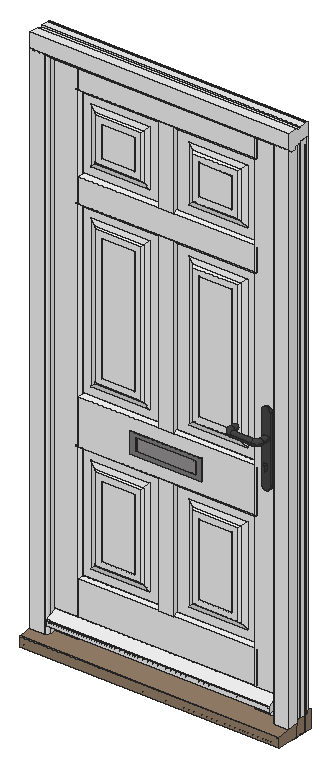
Revit family "ED33", category Doors, host Wall, Revit 2012
Parameters
  White = White
  LeverRequired = yes
  Lever/HandleHeight = 1000.0 mm
  Lever/HandleFromLeafSide = 29.0 mm
  LetterBox1 = LetterBox 1
  LetterBox = LetterBox
  Function = Interior
  Height = 2100.0 mm
  Wall Closure = By host
  Width = 996.0 mm
Reference planes
  plane 1 "Center (Front/Back)": y = 0
  plane 2 "Center (Left/Right)": x = 0
  plane 3 "Left": x = -498
  plane 4 "Right": x = 498
  plane 5 "Top": z = 2100
  plane 6 "Exterior": y = 47
  plane 7 "Interior": y = -47
  plane 8: z = 249.6
  plane 9: z = 717.6
  plane 10: z = 483.6
  plane 11: z = 879.6
  plane 12: z = 1555.6
  plane 13: z = 1217.6
  plane 14: z = 1638.6
  plane 15: z = 1949
  plane 16: z = 2048
  plane 17: x = 29
  plane 18: x = -29
  plane 19: x = 342
  plane 20: x = -342
  plane 21: x = -185.5
  plane 22: x = 185.5
  plane 23: y = -14
Forms (mm)
  Sweep 1, solid, material "White" <- "White"
    path origin (0, -29.222, 0) x (1, 0, 0) y (0, 0, 1)
      loop
        line (-498, 2100) -> (498, 2100)
    profile origin (0, -29.222, 2100) x (0, 0, 1) y (0, -1, 0)
      loop
        line (0, -19.2) -> (0, 17.8) -> (-55, 17.8) -> (-55, 14.8)
        arc (-55, 14.8) -> (-62.071, 11.871) -> (-65, 4.8) r 10
        line (-65, 4.8) -> (-68, 4.8) -> (-68, -11.2) -> (-48, -11.2) -> (-48, -15.2) -> (-56, -15.2) -> (-56, -25.2) -> (-48, -25.2) -> (-48, -28.2) -> (-54, -28.2) -> (-54, -36.2) -> (-48, -36.2) -> (-48, -61.2)
        arc (-48, -61.2) -> (-47.414, -62.614) -> (-46, -63.2) r 2
        line (-46, -63.2) -> (-45, -63.2) -> (-45, -70.2) -> (-46, -70.2)
        arc (-46, -70.2) -> (-47.414, -70.786) -> (-48, -72.2) r 2
        line (-48, -72.2) -> (-48, -76.2) -> (0, -76.2) -> (0, -71.2) -> (-2, -71.2)
        arc (-2, -71.2) -> (-5, -68.2) -> (-2, -65.2) r 3
        line (-2, -65.2) -> (0, -65.2) -> (0, -39.2) -> (-5, -39.2) -> (-5, -19.2) -> (0, -19.2)
  Sweep 2, solid, material "White" <- "White"
    path origin (0, 0, 0) x (1, 0, 0) y (0, 0, 1)
      loop
        line (-498, 0) -> (-498, 2048)
    profile origin (-498, 0, 1024) x (-1, 0, 0) y (0, -1, 0)
      loop
        line (0, 10) -> (0, 47) -> (-55, 47) -> (-55, 44)
        arc (-55, 44) -> (-62.071, 41.071) -> (-65, 34) r 10
        line (-65, 34) -> (-68, 34) -> (-68, 18) -> (-48, 18) -> (-48, 14) -> (-56, 14) -> (-56, 4) -> (-48, 4) -> (-48, 1) -> (-54, 1) -> (-54, -7) -> (-48, -7) -> (-48, -32)
        arc (-48, -32) -> (-47.414, -33.414) -> (-46, -34) r 2
        line (-46, -34) -> (-45, -34) -> (-45, -41) -> (-46, -41)
        arc (-46, -41) -> (-47.414, -41.586) -> (-48, -43) r 2
        line (-48, -43) -> (-48, -47) -> (0, -47) -> (0, -42) -> (-2, -42)
        arc (-2, -42) -> (-5, -39) -> (-2, -36) r 3
        line (-2, -36) -> (0, -36) -> (0, -10) -> (-5, -10) -> (-5, 10) -> (0, 10)
  Sweep 3, solid, material "White" <- "White"
    path origin (0, 0, 0) x (-1, 0, 0) y (0, 0, -1)
      loop
        line (-498, 0) -> (-498, -2048)
    profile origin (498, 0, 1024) x (-1, 0, 0) y (0, -1, 0)
      loop
        line (0, 10) -> (5, 10) -> (5, -10) -> (0, -10) -> (0, -36) -> (2, -36)
        arc (2, -36) -> (5, -39) -> (2, -42) r 3
        line (2, -42) -> (0, -42) -> (0, -47) -> (48, -47) -> (48, -43)
        arc (48, -43) -> (47.414, -41.586) -> (46, -41) r 2
        line (46, -41) -> (45, -41) -> (45, -34) -> (46, -34)
        arc (46, -34) -> (47.414, -33.414) -> (48, -32) r 2
        line (48, -32) -> (48, -7) -> (54, -7) -> (54, 1) -> (48, 1) -> (48, 4) -> (56, 4) -> (56, 14) -> (48, 14) -> (48, 18) -> (68, 18) -> (68, 34) -> (65, 34)
        arc (65, 34) -> (62.071, 41.071) -> (55, 44) r 10
        line (55, 44) -> (55, 47) -> (0, 47) -> (0, 10)
  Sweep 4, solid, material "White" <- "White"
    path origin (20, 0, 0) x (1, 0, 0) y (0, 0, 1)
      loop
        line (-518, 0) -> (-518, 2048)
    profile origin (-498, 0, 1024) x (-1, 0, 0) y (0, -1, 0)
      loop
        line (-156, 14) -> (-167, 3) -> (-167, 1) -> (-151, 1) -> (-151, -46) -> (-55, -46)
        arc (-55, -46) -> (-52.879, -45.121) -> (-52, -43) r 3
        line (-52, -43) -> (-52, -11)
        arc (-52, -11) -> (-52.586, -9.586) -> (-54, -9) r 2
        line (-54, -9) -> (-60, -9) -> (-60, 11)
        arc (-60, 11) -> (-60.879, 13.121) -> (-63, 14) r 3
        line (-63, 14) -> (-156, 14)
  Sweep 5, solid, material "White" <- "White"
    path origin (-20, 0, 0) x (-1, 0, 0) y (0, 0, -1)
      loop
        line (-518, 0) -> (-518, -2048)
    profile origin (498, 0, 1024) x (-1, 0, 0) y (0, -1, 0)
      loop
        line (156, 14) -> (63, 14)
        arc (63, 14) -> (60.879, 13.121) -> (60, 11) r 3
        line (60, 11) -> (60, -9) -> (54, -9)
        arc (54, -9) -> (52.586, -9.586) -> (52, -11) r 2
        line (52, -11) -> (52, -43)
        arc (52, -43) -> (52.879, -45.121) -> (55, -46) r 3
        line (55, -46) -> (151, -46) -> (151, 1) -> (167, 1) -> (167, 3) -> (156, 14)
  Sweep 6, solid, material "Wood"
    path origin (0, 0, 0) x (1, 0, 0) y (0, 0, 1)
      loop
        line (498, 0) -> (-498, 0)
    profile origin (0, 0, 0) x (0, 0, -1) y (0, -1, 0)
      loop
        line (-65, -59) -> (0, -59) -> (0, -22) -> (-5, -22) -> (-5, -2) -> (0, -2) -> (0, 6) -> (-33, 6) -> (-33, 1) -> (-48.176, 1) -> (-48.176, 6) -> (-57, 6)
        arc (-57, 6) -> (-57.707, 5.707) -> (-58, 5) r 1
        line (-58, 5) -> (-58, -43) -> (-68, -43) -> (-68, -56)
        arc (-68, -56) -> (-67.121, -58.121) -> (-65, -59) r 3
  Sweep 7, solid, material "Wood"
    path origin (0, -3.037, 0) x (1, 0, 0) y (0, 0, 1)
      loop
        line (498, 0) -> (-498, 0)
    profile origin (0, -3.037, 0) x (0, 0, -1) y (0, -1, 0)
      loop
        line (-2, 87.963) -> (0, 87.963) -> (0, 92.963) -> (-35.11, 92.963)
        arc (-35.11, 92.963) -> (-36.436, 92.461) -> (-37.095, 91.207) r 2
        line (-37.095, 91.207) -> (-48.176, 0.963) -> (-48.176, -4.037) -> (-33, -4.037) -> (-33, 2.963) -> (0, 2.963) -> (0, 81.963) -> (-2, 81.963)
        arc (-2, 81.963) -> (-5, 84.963) -> (-2, 87.963) r 3
  Sweep 8, solid, material "White" <- "White"
    path origin (0, 3.625, 0) x (1, 0, 0) y (0, 0, 1)
      loop
        line (-347, 483.6) -> (347, 483.6)
    profile origin (0, 3.625, 483.6) x (0, 0, 1) y (0, -1, 0)
      loop
        line (-403.9, -43) -> (-234, -43) -> (-234, 4) -> (-217.9, 4) -> (-217.9, 6) -> (-228.9, 17) -> (-358.9, 17) -> (-358.9, 12) -> (-371.9, 12) -> (-371.9, 17) -> (-403.9, 17) -> (-403.9, -43)
  Sweep 9, solid, material "White" <- "White"
    path origin (0, 3, -5) x (1, 0, 0) y (0, 0, 1)
      loop
        line (-430, 488.6) -> (430, 488.6)
    profile origin (0, 3, 483.6) x (0, 0, 1) y (0, -1, 0)
      loop
        line (-403.9, 17) -> (-371.9, 17) -> (-371.9, 12) -> (-358.9, 12) -> (-358.9, 17) -> (-383.987, 55.631)
        arc (-383.987, 55.631) -> (-385.072, 56.634) -> (-386.503, 56.997) r 3
        line (-386.503, 56.997) -> (-403.9, 56.997) -> (-403.9, 51.997) -> (-401.9, 51.997)
        arc (-401.9, 51.997) -> (-398.9, 48.997) -> (-401.9, 45.997) r 3
        line (-401.9, 45.997) -> (-403.9, 45.997) -> (-403.9, 17)
  Sweep 10, solid, material "White" <- "White"
    path origin (0, 3.547, 640) x (1, 0, 0) y (0, 0, 1)
      loop
        line (-347, 239.6) -> (347, 239.6)
    profile origin (0, 3.547, 879.6) x (0, 0, 1) y (0, -1, 0)
      loop
        line (-162, -43) -> (0, -43) -> (0, 4) -> (16, 4) -> (16, 6) -> (5, 17) -> (-167, 17) -> (-178, 6) -> (-178, 4) -> (-162, 4) -> (-162, -43)
  Sweep 11, solid, material "White" <- "White"
    path origin (0, 3.625, 1420) x (1, 0, 0) y (0, 0, 1)
      loop
        line (-347, 218.6) -> (347, 218.6)
    profile origin (0, 3.625, 1638.6) x (0, 0, 1) y (0, -1, 0)
      loop
        line (-83, -43) -> (0, -43) -> (0, 4) -> (16, 4) -> (16, 6) -> (5, 17) -> (-88, 17) -> (-99, 6) -> (-99, 4) -> (-83, 4) -> (-83, -43)
  Sweep 12, solid, material "White" <- "White"
    path origin (0, 3.625, 1800) x (1, 0, 0) y (0, 0, 1)
      loop
        line (-347, 300) -> (347, 300)
    profile origin (0, 3.625, 2100) x (0, 0, 1) y (0, -1, 0)
      loop
        line (-156, 17) -> (-167, 6) -> (-167, 4) -> (-151, 4) -> (-151, -43) -> (-55, -43)
        arc (-55, -43) -> (-52.879, -42.121) -> (-52, -40) r 3
        line (-52, -40) -> (-52, -8)
        arc (-52, -8) -> (-52.586, -6.586) -> (-54, -6) r 2
        line (-54, -6) -> (-60, -6) -> (-60, 14)
        arc (-60, 14) -> (-60.879, 16.121) -> (-63, 17) r 3
        line (-63, 17) -> (-156, 17)
  Extrusion 13, solid, material "White" <- "White"
    sketch origin (0, 0, 0) x (0, 1, 0) y (0, 0, 1)
      loop
        line (-2.375, 1933) -> (-14, 1944.625) -> (-14, 1642.975) -> (-2.375, 1654.6) -> (-1, 1654.6) -> (-1, 1933) -> (-2.375, 1933)
    from -29 to 29
  Extrusion 14, solid, material "White" <- "White"
    sketch origin (0, 0, -377.4) x (0, 1, 0) y (0, 0, 1)
      loop
        line (-2.375, 1917) -> (-14, 1928.625) -> (-14, 1261.453) -> (-2.453, 1273) -> (-1, 1273) -> (-1, 1917) -> (-2.375, 1917)
    from -29 to 29
  Extrusion 15, solid, material "White" <- "White"
    sketch origin (0, 0, -1199.4) x (0, 1, 0) y (0, 0, 1)
      loop
        line (-2.453, 1901) -> (-14, 1912.547) -> (-14, 1453.475) -> (-2.375, 1465.1) -> (-1, 1465.1) -> (-1, 1901) -> (-2.453, 1901)
    from -29 to 29
  Sweep 16, solid, material "White" <- "White"
    path origin (0, 0, 0) x (1, 0, 0) y (0, 0, 1)
      loop
        line (331, 1933) -> (45, 1933) -> (45, 1654.6) -> (331, 1654.6) -> (331, 1933)
    profile origin (188, 0, 1933) x (0, 0, -1) y (0, -1, 0)
      loop
        line (-11, -44) -> (-11, -41)
        arc (-11, -41) -> (-5.343, -38.657) -> (-3, -33) r 8
        line (-3, -33) -> (0, -33) -> (0, -29) -> (-4, -28) -> (-4, -25) -> (-16, -25) -> (-16, -44) -> (-11, -44)
  Sweep 17, solid, material "White" <- "White"
    path origin (0, 0, 0) x (1, 0, 0) y (0, 0, 1)
      loop
        line (45, 1933) -> (45, 1654.6) -> (331, 1654.6) -> (331, 1933) -> (45, 1933)
    profile origin (188, 0, 1933) x (0, 0, 1) y (0, -1, 0)
      loop
        line (15, -21) -> (-79, -21) -> (-79, -37.245) -> (-56.25, -37.245) -> (-50.284, -31.279) -> (-30.25, -25) -> (15, -25) -> (15, -21)
      loop
        line (15, -5) -> (15, -1) -> (-30.25, -1) -> (-50.284, 5.279) -> (-56.25, 11.245) -> (-79, 11.245) -> (-79, -5) -> (15, -5)
  Sweep 18, solid, material "White" <- "White"
    path origin (0, 0, 0) x (-1, 0, 0) y (0, 0, -1)
      loop
        line (331, -1933) -> (331, -1654.6) -> (45, -1654.6) -> (45, -1933) -> (331, -1933)
    profile origin (-188, 0, 1933) x (0, 0, 1) y (0, -1, 0)
      loop
        line (11, -44) -> (16, -44) -> (16, -25) -> (4, -25) -> (4, -28) -> (0, -29) -> (0, -33) -> (3, -33)
        arc (3, -33) -> (5.343, -38.657) -> (11, -41) r 8
        line (11, -41) -> (11, -44)
  Extrusion 19, solid, material "White" <- "White"
    sketch origin (0, 0, 0) x (1, 0, 0) y (0, 0, 1)
      loop
        line (-29, 1949) -> (-29, 1638.6) -> (29, 1638.6) -> (29, 1949) -> (-29, 1949)
    from -46 to -25
  Extrusion 20, solid, material "White" <- "White"
    sketch origin (0, 0, -393.4) x (1, 0, 0) y (0, 0, 1)
      loop
        line (-29, 1949) -> (-29, 1273) -> (29, 1273) -> (29, 1949) -> (-29, 1949)
    from -46 to -25
  Sweep 21, solid, material "White" <- "White"
    path origin (0, 0, 3194.2) x (1, 0, 0) y (0, 0, 1)
      loop
        line (331, -2298.6) -> (331, -1654.6) -> (45, -1654.6) -> (45, -2298.6) -> (331, -2298.6)
    profile origin (188, 0, 895.6) x (0, 0, -1) y (0, -1, 0)
      loop
        line (11, -44) -> (16, -44) -> (16, -25) -> (4, -25) -> (4, -28) -> (0, -29) -> (0, -33) -> (3, -33)
        arc (3, -33) -> (5.343, -38.657) -> (11, -41) r 8
        line (11, -41) -> (11, -44)
  Sweep 22, solid, material "White" <- "White"
    path origin (0, 0, 0) x (-1, 0, 0) y (0, 0, -1)
      loop
        line (45, -1933) -> (331, -1933) -> (331, -1654.6) -> (45, -1654.6) -> (45, -1933)
    profile origin (-188, 0, 1933) x (0, 0, -1) y (0, -1, 0)
      loop
        line (-15, -21) -> (-15, -25) -> (30.25, -25) -> (50.284, -31.279) -> (56.25, -37.245) -> (79, -37.245) -> (79, -21) -> (-15, -21)
      loop
        line (-15, -5) -> (79, -5) -> (79, 11.245) -> (56.25, 11.245) -> (50.284, 5.279) -> (30.25, -1) -> (-15, -1) -> (-15, -5)
  Sweep 23, solid, material "White" <- "White"
    path origin (0, 0, 3194.2) x (1, 0, 0) y (0, 0, 1)
      loop
        line (45, -2298.6) -> (331, -2298.6) -> (331, -1654.6) -> (45, -1654.6) -> (45, -2298.6)
    profile origin (188, 0, 895.6) x (0, 0, 1) y (0, -1, 0)
      loop
        line (-15, -21) -> (-15, -25) -> (30.25, -25) -> (50.284, -31.279) -> (56.25, -37.245) -> (79, -37.245) -> (79, -21) -> (-15, -21)
      loop
        line (-15, -5) -> (79, -5) -> (79, 11.245) -> (56.25, 11.245) -> (50.284, 5.279) -> (30.25, -1) -> (-15, -1) -> (-15, -5)
  Sweep 24, solid, material "White" <- "White"
    path origin (0, 0, 3194.2) x (-1, 0, 0) y (0, 0, -1)
      loop
        line (331, 2298.6) -> (45, 2298.6) -> (45, 1654.6) -> (331, 1654.6) -> (331, 2298.6)
    profile origin (-188, 0, 895.6) x (0, 0, 1) y (0, -1, 0)
      loop
        line (-11, -44) -> (-11, -41)
        arc (-11, -41) -> (-5.343, -38.657) -> (-3, -33) r 8
        line (-3, -33) -> (0, -33) -> (0, -29) -> (-4, -28) -> (-4, -25) -> (-16, -25) -> (-16, -44) -> (-11, -44)
  Sweep 25, solid, material "White" <- "White"
    path origin (0, 0, 3194.2) x (-1, 0, 0) y (0, 0, -1)
      loop
        line (45, 2298.6) -> (45, 1654.6) -> (331, 1654.6) -> (331, 2298.6) -> (45, 2298.6)
    profile origin (-188, 0, 895.6) x (0, 0, -1) y (0, -1, 0)
      loop
        line (15, -21) -> (-79, -21) -> (-79, -37.245) -> (-56.25, -37.245) -> (-50.284, -31.279) -> (-30.25, -25) -> (15, -25) -> (15, -21)
      loop
        line (15, -5) -> (15, -1) -> (-30.25, -1) -> (-50.284, 5.279) -> (-56.25, 11.245) -> (-79, 11.245) -> (-79, -5) -> (15, -5)
  Sweep 26, solid, material "White" <- "White"
    path origin (0, 0, -1597) x (1, 0, 0) y (0, 0, 1)
      loop
        line (331, 2298.6) -> (45, 2298.6) -> (45, 1862.7) -> (331, 1862.7) -> (331, 2298.6)
    profile origin (188, 0, 701.6) x (0, 0, -1) y (0, -1, 0)
      loop
        line (-11, -44) -> (-11, -41)
        arc (-11, -41) -> (-5.343, -38.657) -> (-3, -33) r 8
        line (-3, -33) -> (0, -33) -> (0, -29) -> (-4, -28) -> (-4, -25) -> (-16, -25) -> (-16, -44) -> (-11, -44)
  Sweep 27, solid, material "White" <- "White"
    path origin (0, 0, -1597) x (1, 0, 0) y (0, 0, 1)
      loop
        line (45, 2298.6) -> (45, 1862.7) -> (331, 1862.7) -> (331, 2298.6) -> (45, 2298.6)
    profile origin (188, 0, 701.6) x (0, 0, 1) y (0, -1, 0)
      loop
        line (15, -21) -> (-79, -21) -> (-79, -37.245) -> (-56.25, -37.245) -> (-50.284, -31.279) -> (-30.25, -25) -> (15, -25) -> (15, -21)
      loop
        line (15, -5) -> (15, -1) -> (-30.25, -1) -> (-50.284, 5.279) -> (-56.25, 11.245) -> (-79, 11.245) -> (-79, -5) -> (15, -5)
  Sweep 28, solid, material "White" <- "White"
    path origin (0, 0, -1597) x (-1, 0, 0) y (0, 0, -1)
      loop
        line (331, -2298.6) -> (331, -1862.7) -> (45, -1862.7) -> (45, -2298.6) -> (331, -2298.6)
    profile origin (-188, 0, 701.6) x (0, 0, 1) y (0, -1, 0)
      loop
        line (11, -44) -> (16, -44) -> (16, -25) -> (4, -25) -> (4, -28) -> (0, -29) -> (0, -33) -> (3, -33)
        arc (3, -33) -> (5.343, -38.657) -> (11, -41) r 8
        line (11, -41) -> (11, -44)
  Sweep 29, solid, material "White" <- "White"
    path origin (0, 0, -1597) x (-1, 0, 0) y (0, 0, -1)
      loop
        line (45, -2298.6) -> (331, -2298.6) -> (331, -1862.7) -> (45, -1862.7) -> (45, -2298.6)
    profile origin (-188, 0, 701.6) x (0, 0, -1) y (0, -1, 0)
      loop
        line (-15, -21) -> (-15, -25) -> (30.25, -25) -> (50.284, -31.279) -> (56.25, -37.245) -> (79, -37.245) -> (79, -21) -> (-15, -21)
      loop
        line (-15, -5) -> (79, -5) -> (79, 11.245) -> (56.25, 11.245) -> (50.284, 5.279) -> (30.25, -1) -> (-15, -1) -> (-15, -5)
  Extrusion 30, solid, material "White" <- "White"
    sketch origin (0, 0, 0) x (1, 0, 0) y (0, 0, 1)
      loop
        line (252, 1854) -> (124, 1854) -> (124, 1733.6) -> (252, 1733.6) -> (252, 1854)
      loop
        line (-124, 1854) -> (-252, 1854) -> (-252, 1733.6) -> (-124, 1733.6) -> (-124, 1854)
      loop
        line (252, 1460.6) -> (124, 1460.6) -> (124, 974.6) -> (252, 974.6) -> (252, 1460.6)
      loop
        line (-124, 1460.6) -> (-252, 1460.6) -> (-252, 974.6) -> (-124, 974.6) -> (-124, 1460.6)
      loop
        line (252, 622.6) -> (124, 622.6) -> (124, 344.7) -> (252, 344.7) -> (252, 622.6)
      loop
        line (-124, 622.6) -> (-252, 622.6) -> (-252, 344.7) -> (-124, 344.7) -> (-124, 622.6)
    from -37.245 to 11.245
  Extrusion 31, solid, material "White" <- "White"
    sketch origin (0, 0, -1231.4) x (1, 0, 0) y (0, 0, 1)
      loop
        line (-29, 1949) -> (-29, 1481) -> (29, 1481) -> (29, 1949) -> (-29, 1949)
    from -46 to -25
Lines and regions (mm)
  Opening 1
    outline origin (-2286, -47, 0) x (1, 0, 0) y (0, 0, 1)
      loop
        line (1788, 0) -> (2784, 0) -> (2784, 2100) -> (1788, 2100) -> (1788, 0)
  symbolic lines, style "Elevation Swing"
    curve 1: line (498, 47, 0) -> (-498, 47, 1050)
    curve 2: line (-498, 47, 1050) -> (498, 47, 2100)
  model lines, style "Elevation Swing"
    curve 3: line (-446, 47, 0) -> (-446, 938.554, 0)
    curve 4: arc (-446, 938.554, 0) -> (184.739, 677.293, 0) -> (446, 46.554, 0) r 892
Text (mm)
  text "Exterior" at (-1904.17, 693.701, 0), in view "Ref. Level"
  text "Interior" at (-1904.17, -638.649, 0), in view "Ref. Level"
  text "Exterior" at (0, 1019.848, 3124.603), in view "Right"
  text "Interior" at (0, -1635.541, 3124.603), in view "Right"
  text "Interior" at (0, -787.806, 3124.376), in view "Left"
  text "Exterior" at (0, 1386.095, 3124.376), in view "Left"
Dimensions and locks
  equal spacing: plane 3 "Left", plane 2 "Center (Left/Right)", plane 4 "Right"
  "Height": level to plane 5 "Top"
  "Width": plane 3 "Left" to plane 4 "Right"
  equal spacing: host wall, curve 2, plane 5 "Top"
  locked: level to plane 8 at 249.6
  equal spacing: plane 8, plane 10, plane 9
  locked: plane 9 to plane 11 at 162
  equal spacing: plane 11, plane 13, plane 12
  locked: plane 12 to plane 14 at 83
  locked: plane 14 to plane 15 at 310.4
  locked: plane 15 to plane 16 at 99
  locked: plane 16 to plane 5 "Top" at 52
  equal spacing: plane 17, plane 2 "Center (Left/Right)", plane 18, locked at 29 each
  locked: plane 19 to plane 4 "Right" at 156
  locked: plane 3 "Left" to plane 20 at 156
  equal spacing: plane 17, plane 22, plane 19
  equal spacing: plane 20, plane 21, plane 18
  locked: Sweep 4 sketch curve to plane 20 at 5
  locked: Sweep 2 to Sweep 4 sketch curve at 4
  locked: plane 19 to Sweep 5 sketch curve at 5
  locked: Sweep 5 sketch curve to plane 4 "Right" at 52
  equal spacing: plane 18, plane 2 "Center (Left/Right)", plane 17
  locked: plane 17 to Sweep 16 sketch curve at 16
  locked: Sweep 16 sketch curve to Sweep 16 sketch curve at 5
  locked: Sweep 16 sketch curve to Sweep 16 sketch curve at 19
  locked: Sweep 16 sketch curve to Sweep 16 sketch curve at 3  (x2)
  locked: Sweep 16 sketch curve to Sweep 16 sketch curve at 4
  locked: Sweep 17 sketch curve to Sweep 12 at 1
  locked: Sweep 17 sketch curve to Sweep 17 sketch curve at 94  (x2)
  locked: Sweep 17 sketch curve to Sweep 17 sketch curve at 4  (x2)
  locked: Sweep 17 sketch curve to Sweep 17 sketch curve at 8.437  (x2)
  locked: Sweep 17 sketch curve to Sweep 17 sketch curve at 20.995  (x2)
  locked: Sweep 18 sketch curve to Sweep 18 sketch curve at 5
  locked: Sweep 18 sketch curve to Sweep 18 sketch curve at 19
  locked: Sweep 18 sketch curve to Sweep 18 sketch curve at 3  (x2)
  locked: Sweep 18 sketch curve to Sweep 18 sketch curve at 4
  locked: Sweep 18 sketch curve to plane 18 at 16
  locked: Sweep 21 sketch curve to Sweep 21 sketch curve at 5
  locked: Sweep 21 sketch curve to Sweep 21 sketch curve at 19
  locked: Sweep 21 sketch curve to Sweep 21 sketch curve at 3  (x2)
  locked: Sweep 21 sketch curve to Sweep 21 sketch curve at 4
  locked: plane 17 to Sweep 21 sketch curve at 16
  locked: Sweep 22 sketch curve to Sweep 22 sketch curve at 94  (x2)
  locked: Sweep 22 sketch curve to Sweep 22 sketch curve at 4  (x2)
  locked: Sweep 22 sketch curve to Sweep 22 sketch curve at 8.437  (x2)
  locked: Sweep 22 sketch curve to Sweep 22 sketch curve at 20.995  (x2)
  locked: Sweep 23 sketch curve to Sweep 23 sketch curve at 94  (x2)
  locked: Sweep 23 sketch curve to Sweep 23 sketch curve at 4  (x2)
  locked: Sweep 23 sketch curve to Sweep 23 sketch curve at 8.437  (x2)
  locked: Sweep 23 sketch curve to Sweep 23 sketch curve at 20.995  (x2)
  locked: Sweep 24 sketch curve to Sweep 24 sketch curve at 5
  locked: Sweep 24 sketch curve to Sweep 24 sketch curve at 19
  locked: Sweep 24 sketch curve to Sweep 24 sketch curve at 3  (x2)
  locked: Sweep 24 sketch curve to Sweep 24 sketch curve at 4
  locked: Sweep 25 sketch curve to Sweep 25 sketch curve at 94  (x2)
  locked: Sweep 25 sketch curve to Sweep 25 sketch curve at 4  (x2)
  locked: Sweep 25 sketch curve to Sweep 25 sketch curve at 8.437  (x2)
  locked: Sweep 25 sketch curve to Sweep 25 sketch curve at 20.995  (x2)
  locked: Sweep 26 sketch curve to Sweep 26 sketch curve at 5
  locked: Sweep 26 sketch curve to Sweep 26 sketch curve at 19
  locked: Sweep 26 sketch curve to Sweep 26 sketch curve at 3  (x2)
  locked: Sweep 26 sketch curve to Sweep 26 sketch curve at 4
  locked: Sweep 27 sketch curve to Sweep 27 sketch curve at 94  (x2)
  locked: Sweep 27 sketch curve to Sweep 27 sketch curve at 4  (x2)
  locked: Sweep 27 sketch curve to Sweep 27 sketch curve at 8.437  (x2)
  locked: Sweep 27 sketch curve to Sweep 27 sketch curve at 20.995  (x2)
  locked: Sweep 28 sketch curve to Sweep 28 sketch curve at 5
  locked: Sweep 28 sketch curve to Sweep 28 sketch curve at 19
  locked: Sweep 28 sketch curve to Sweep 28 sketch curve at 3  (x2)
  locked: Sweep 28 sketch curve to Sweep 28 sketch curve at 4
  locked: Sweep 29 sketch curve to Sweep 29 sketch curve at 94  (x2)
  locked: Sweep 29 sketch curve to Sweep 29 sketch curve at 4  (x2)
  locked: Sweep 29 sketch curve to Sweep 29 sketch curve at 8.437  (x2)
  locked: Sweep 29 sketch curve to Sweep 29 sketch curve at 20.995  (x2)
  equal spacing: plane 9, nested 1, plane 11, locked at 81 each
  "Lever/HandleHeight": level to nested 2
  locked: nested 2 to Sweep 5 at 55
  locked: nested 3 to Sweep 5 at 55
  radius of Sweep 16 sketch curve = 8.0 mm
  radius of Sweep 18 sketch curve = 8.0 mm
  radius of Sweep 21 sketch curve = 8.0 mm
  radius of Sweep 24 sketch curve = 8.0 mm
  radius of Sweep 26 sketch curve = 8.0 mm
  radius of Sweep 28 sketch curve = 8.0 mm
  aligned and locked: plane 3 "Left" to Opening 1 sketch curve
  aligned and locked: plane 5 "Top" to Opening 1 sketch curve  (x2)
  aligned and locked: Opening 1 sketch curve to plane 4 "Right"
  aligned and locked: Opening 1 sketch curve to level
  aligned and locked: plane 4 "Right" to curve 1
  aligned and locked: plane 3 "Left" to curve 1
  aligned and locked: plane 5 "Top" to curve 2
  aligned and locked: plane 6 "Exterior" to host wall
  aligned and locked: plane 7 "Interior" to host wall
  aligned and locked: plane 5 "Top" to Sweep 1 sketch curve
  aligned and locked: plane 4 "Right" to Sweep 1 sketch curve
  aligned and locked: plane 3 "Left" to Sweep 1 sketch curve
  aligned and locked: Sweep 2 sketch curve to plane 3 "Left"
  aligned and locked: level to Sweep 2 sketch curve
  aligned and locked: plane 4 "Right" to Sweep 3 sketch curve
  aligned and locked: level to Sweep 3 sketch curve
  aligned and locked: Sweep 4 sketch curve to plane 3 "Left"
  aligned and locked: plane 4 "Right" to Sweep 6 sketch curve
  aligned and locked: plane 3 "Left" to Sweep 6 sketch curve
  aligned and locked: Sweep 6 sketch curve to level
  aligned and locked: Sweep 8 sketch curve to plane 10
  aligned and locked: Sweep 8 sketch curve to plane 8
  aligned and locked: Sweep 9 sketch curve to plane 10
  aligned and locked: plane 11 to Sweep 10 sketch curve  (x2)
  aligned and locked: Sweep 10 sketch curve to plane 9
  aligned and locked: plane 5 "Top" to Sweep 12 sketch curve
  aligned and locked: plane 16 to Sweep 12 sketch curve
  aligned and locked: Sweep 12 sketch curve to plane 15
  aligned and locked: Sweep 11 sketch curve to plane 14
  aligned and locked: plane 14 to Sweep 11 sketch curve
  aligned and locked: Sweep 11 sketch curve to plane 12
  aligned and locked: plane 18 to Extrusion 13
  aligned and locked: Extrusion 13 to plane 17
  aligned and locked: Extrusion 14 sketch curve to Sweep 10  (x2)
  aligned and locked: Extrusion 14 sketch curve to Sweep 2  (x2)
  aligned and locked: Extrusion 14 sketch curve to Sweep 11  (x2)
  aligned and locked: Extrusion 13 sketch curve to Sweep 11  (x2)
  aligned and locked: Extrusion 13 sketch curve to Sweep 12  (x2)
  aligned and locked: Sweep 10 to Extrusion 15 sketch curve
  aligned and locked: Extrusion 15 sketch curve to Sweep 10
  aligned and locked: Extrusion 15 sketch curve to Sweep 2
  aligned and locked: Extrusion 15 sketch curve to Sweep 8  (x2)
  aligned and locked: Sweep 16 sketch curve to Sweep 12
  aligned and locked: Sweep 16 sketch curve to Sweep 5
  aligned and locked: Sweep 16 sketch curve to Sweep 11
  aligned and locked: Sweep 16 sketch curve to plane 15
  aligned and locked: plane 15 to Sweep 16
  aligned and locked: Sweep 12 to Sweep 17 sketch curve
  aligned and locked: Sweep 17 sketch curve to Sweep 16
  aligned and locked: Sweep 11 to Sweep 17 sketch curve
  aligned and locked: Sweep 5 to Sweep 17 sketch curve
  aligned and locked: Sweep 18 sketch curve to Sweep 12
  aligned and locked: Sweep 18 sketch curve to Sweep 4
  aligned and locked: Sweep 18 sketch curve to Sweep 11
  aligned and locked: Sweep 18 to Extrusion 19 sketch curve
  aligned and locked: Extrusion 19 sketch curve to Sweep 18
  aligned and locked: Sweep 16 to Extrusion 19 sketch curve
  aligned and locked: Extrusion 19 sketch curve to Sweep 16
  aligned and locked: Extrusion 19 to Sweep 18
  aligned and locked: Sweep 4 to Extrusion 19
  aligned and locked: plane 15 to Sweep 18
  aligned and locked: Sweep 18 to plane 14
  aligned and locked: plane 12 to Extrusion 20
  aligned and locked: Extrusion 20 to plane 11
  aligned and locked: Sweep 11 to Sweep 21 sketch curve
  aligned and locked: Sweep 5 to Sweep 21 sketch curve
  aligned and locked: Sweep 10 to Sweep 21 sketch curve
  aligned and locked: Sweep 22 sketch curve to Sweep 18  (x4)
  aligned and locked: Sweep 23 sketch curve to Sweep 11
  aligned and locked: Sweep 23 sketch curve to Sweep 21
  aligned and locked: Sweep 23 sketch curve to Sweep 5
  aligned and locked: Sweep 23 sketch curve to Sweep 10
  aligned and locked: Sweep 24 sketch curve to Sweep 11
  aligned and locked: Sweep 24 sketch curve to Sweep 4
  aligned and locked: Sweep 24 sketch curve to Sweep 10
  aligned and locked: Sweep 25 sketch curve to Sweep 24
  aligned and locked: Sweep 11 to Sweep 25 sketch curve
  aligned and locked: Sweep 4 to Sweep 25 sketch curve
  aligned and locked: Sweep 10 to Sweep 25 sketch curve
  aligned and locked: Sweep 26 sketch curve to Sweep 10
  aligned and locked: Sweep 26 sketch curve to Sweep 5
  aligned and locked: Sweep 26 sketch curve to Sweep 8
  aligned and locked: Sweep 10 to Sweep 27 sketch curve
  aligned and locked: Sweep 27 sketch curve to Sweep 26
  aligned and locked: Sweep 5 to Sweep 27 sketch curve
  aligned and locked: Sweep 8 to Sweep 27 sketch curve
  aligned and locked: Sweep 10 to Sweep 28 sketch curve
  aligned and locked: Sweep 4 to Sweep 28 sketch curve
  aligned and locked: Sweep 8 to Sweep 28 sketch curve
  aligned and locked: Sweep 29 sketch curve to Sweep 10
  aligned and locked: Sweep 29 sketch curve to Sweep 4
  aligned and locked: Sweep 29 sketch curve to Sweep 28
  aligned and locked: Sweep 29 sketch curve to Sweep 8
  aligned and locked: Extrusion 30 sketch curve to Sweep 17  (x4)
  aligned and locked: Extrusion 30 sketch curve to Sweep 22  (x4)
  aligned and locked: Extrusion 30 sketch curve to Sweep 23  (x4)
  aligned and locked: Extrusion 30 sketch curve to Sweep 25  (x4)
  aligned and locked: Extrusion 30 sketch curve to Sweep 27  (x4)
  aligned and locked: Extrusion 30 sketch curve to Sweep 29  (x4)
  aligned and locked: Extrusion 30 to Sweep 25  (x2)
  aligned and locked: plane 23 to nested 1
  aligned and locked: plane 2 "Center (Left/Right)" to nested 1
  aligned and locked: Sweep 5 to Sweep 8 sketch curve
  aligned and locked: Sweep 4 to Sweep 8 sketch curve
  aligned and locked: Sweep 5 to Sweep 12 sketch curve
  aligned and locked: Sweep 12 sketch curve to Sweep 4
  aligned and locked: Extrusion 31 sketch curve to Sweep 10
  aligned and locked: plane 18 to Extrusion 31 sketch curve
  aligned and locked: Extrusion 31 sketch curve to plane 17
  aligned and locked: Extrusion 31 sketch curve to Sweep 8
  aligned and locked: nested 3 to nested 2  (x2)
  aligned and locked: plane 23 to nested 3
  aligned and locked: Sweep 5 to nested 2
Automatic sketch dimensions
  curve 1 to level = 0.0 mm
  plane 4 "Right" to curve 2 = 0.0 mm
  profile plane to Sweep 1 sketch curve = 0.0 mm  (x3)
  Sweep 1 sketch curve to Sweep 1 sketch curve = 2.0 mm  (x3)
  profile plane to Sweep 1 sketch curve = 5.0 mm
  Sweep 1 sketch curve to Sweep 1 sketch curve = 43.0 mm
  Sweep 1 sketch curve to Sweep 1 sketch curve = 1.0 mm  (x2)
  Sweep 1 sketch curve to Sweep 1 sketch curve = 0.0 mm  (x2)
  Sweep 1 sketch curve to Sweep 1 sketch curve = 6.0 mm
  profile plane to Sweep 1 sketch curve = 4.8 mm
  Sweep 1 sketch curve to Sweep 1 sketch curve = 7.0 mm  (x2)
  Sweep 1 sketch curve to Sweep 1 sketch curve = 8.0 mm  (x2)
  Sweep 1 sketch curve to Sweep 1 sketch curve = 10.0 mm  (x2)
  Sweep 1 sketch curve to Sweep 1 sketch curve = 12.0 mm
  Sweep 1 sketch curve to profile plane = 11.2 mm
  Sweep 1 sketch curve to Sweep 1 sketch curve = 4.0 mm  (x2)
  Sweep 1 sketch curve to profile plane = 19.2 mm
  Sweep 1 sketch curve to Sweep 1 sketch curve = 3.0 mm  (x2)
  Sweep 1 sketch curve to Sweep 1 sketch curve = 20.0 mm
  Sweep 1 sketch curve to Sweep 1 sketch curve = 25.0 mm
  Sweep 1 sketch curve to Sweep 1 sketch curve = 26.0 mm
  profile plane to Sweep 1 sketch curve = 17.8 mm
  Sweep 2 sketch curve to profile plane = 0.0 mm  (x3)
  profile plane to Sweep 2 sketch curve = 2.0 mm
  profile plane to Sweep 2 sketch curve = 5.0 mm
  Sweep 2 sketch curve to Sweep 2 sketch curve = 43.0 mm
  Sweep 2 sketch curve to Sweep 2 sketch curve = 1.0 mm  (x2)
  profile plane to Sweep 2 sketch curve = 1.0 mm
  Sweep 2 sketch curve to Sweep 2 sketch curve = 2.0 mm  (x2)
  Sweep 2 sketch curve to Sweep 2 sketch curve = 0.0 mm  (x2)
  Sweep 2 sketch curve to Sweep 2 sketch curve = 6.0 mm
  Sweep 2 sketch curve to Sweep 2 sketch curve = 7.0 mm  (x2)
  Sweep 2 sketch curve to Sweep 2 sketch curve = 8.0 mm
  Sweep 2 sketch curve to Sweep 2 sketch curve = 10.0 mm  (x2)
  Sweep 2 sketch curve to Sweep 2 sketch curve = 12.0 mm
  Sweep 2 sketch curve to profile plane = 7.0 mm
  Sweep 2 sketch curve to profile plane = 10.0 mm
  Sweep 2 sketch curve to Sweep 2 sketch curve = 25.0 mm
  Sweep 2 sketch curve to Sweep 2 sketch curve = 26.0 mm
  Sweep 2 sketch curve to Sweep 2 sketch curve = 3.0 mm  (x2)
  Sweep 2 sketch curve to Sweep 2 sketch curve = 4.0 mm  (x2)
  profile plane to Sweep 2 sketch curve = 10.0 mm
  Sweep 2 sketch curve to Sweep 2 sketch curve = 16.0 mm
  Sweep 2 sketch curve to Sweep 2 sketch curve = 37.0 mm
  Sweep 3 sketch curve to profile plane = 0.0 mm  (x3)
  Sweep 3 sketch curve to profile plane = 2.0 mm
  Sweep 3 sketch curve to profile plane = 5.0 mm
  Sweep 3 sketch curve to Sweep 3 sketch curve = 43.0 mm
  Sweep 3 sketch curve to Sweep 3 sketch curve = 1.0 mm  (x2)
  Sweep 3 sketch curve to Sweep 3 sketch curve = 2.0 mm  (x2)
  Sweep 3 sketch curve to Sweep 3 sketch curve = 0.0 mm  (x2)
  profile plane to Sweep 3 sketch curve = 1.0 mm
  Sweep 3 sketch curve to Sweep 3 sketch curve = 6.0 mm
  Sweep 3 sketch curve to Sweep 3 sketch curve = 7.0 mm  (x2)
  Sweep 3 sketch curve to Sweep 3 sketch curve = 8.0 mm
  Sweep 3 sketch curve to Sweep 3 sketch curve = 10.0 mm  (x2)
  Sweep 3 sketch curve to Sweep 3 sketch curve = 3.0 mm  (x3)
  Sweep 3 sketch curve to profile plane = 7.0 mm
  Sweep 3 sketch curve to profile plane = 10.0 mm
  Sweep 3 sketch curve to Sweep 3 sketch curve = 25.0 mm
  Sweep 3 sketch curve to Sweep 3 sketch curve = 26.0 mm
  Sweep 3 sketch curve to Sweep 3 sketch curve = 4.0 mm  (x2)
  profile plane to Sweep 3 sketch curve = 10.0 mm
  Sweep 3 sketch curve to Sweep 3 sketch curve = 16.0 mm
  Sweep 3 sketch curve to Sweep 3 sketch curve = 37.0 mm
  Sweep 6 sketch curve to profile plane = 0.0 mm  (x2)
  Sweep 6 sketch curve to profile plane = 2.0 mm
  Sweep 6 sketch curve to Sweep 6 sketch curve = 5.0 mm  (x2)
  profile plane to Sweep 6 sketch curve = 1.0 mm
  Sweep 6 sketch curve to Sweep 6 sketch curve = 28.0 mm
  profile plane to Sweep 6 sketch curve = 6.0 mm
  Sweep 6 sketch curve to Sweep 6 sketch curve = 15.176 mm
  Sweep 6 sketch curve to Sweep 6 sketch curve = 8.824 mm
  Sweep 6 sketch curve to Sweep 6 sketch curve = 9.824 mm
  Sweep 6 sketch curve to Sweep 6 sketch curve = 7.0 mm
  Sweep 6 sketch curve to Sweep 6 sketch curve = 3.0 mm
  Sweep 6 sketch curve to Sweep 6 sketch curve = 20.0 mm
  Sweep 6 sketch curve to profile plane = 43.0 mm
  Sweep 6 sketch curve to Sweep 6 sketch curve = 13.0 mm
  Sweep 7 sketch curve to level = 0.0 mm
  plane 3 "Left" to Sweep 7 sketch curve = 0.0 mm
  plane 4 "Right" to Sweep 7 sketch curve = 0.0 mm
  Sweep 7 sketch curve to profile plane = 0.0 mm  (x2)
  Sweep 7 sketch curve to Sweep 7 sketch curve = 2.0 mm
  profile plane to Sweep 7 sketch curve = 2.963 mm
  Sweep 7 sketch curve to Sweep 7 sketch curve = 33.0 mm
  Sweep 7 sketch curve to Sweep 7 sketch curve = 33.11 mm
  Sweep 7 sketch curve to Sweep 7 sketch curve = 1.985 mm
  Sweep 7 sketch curve to profile plane = 4.037 mm
  Sweep 7 sketch curve to Sweep 7 sketch curve = 15.176 mm
  profile plane to Sweep 7 sketch curve = 0.963 mm
  Sweep 7 sketch curve to Sweep 7 sketch curve = 79.0 mm
  Sweep 7 sketch curve to Sweep 7 sketch curve = 3.0 mm  (x2)
  Sweep 7 sketch curve to Sweep 7 sketch curve = 0.244 mm
  Sweep 9 sketch curve to plane 3 "Left" = 68.0 mm
  plane 4 "Right" to Sweep 9 sketch curve = 68.0 mm
  profile plane to Sweep 9 sketch curve = 17.0 mm
  profile plane to Sweep 9 sketch curve = 403.9 mm
  Sweep 9 sketch curve to Sweep 9 sketch curve = 0.0 mm
  Sweep 9 sketch curve to Sweep 9 sketch curve = 2.0 mm
  Sweep 9 sketch curve to Sweep 9 sketch curve = 15.397 mm
  profile plane to Sweep 9 sketch curve = 55.631 mm
  Sweep 9 sketch curve to Sweep 9 sketch curve = 2.516 mm
  profile plane to Sweep 9 sketch curve = 12.0 mm
  Sweep 9 sketch curve to Sweep 9 sketch curve = 32.0 mm
  Sweep 9 sketch curve to Sweep 9 sketch curve = 13.0 mm
  Sweep 9 sketch curve to Sweep 9 sketch curve = 5.0 mm
  Sweep 9 sketch curve to Sweep 9 sketch curve = 9.634 mm
  Sweep 9 sketch curve to Sweep 9 sketch curve = 3.0 mm
  Sweep 9 sketch curve to Sweep 9 sketch curve = 1.634 mm
  profile plane to Sweep 4 sketch curve = 14.0 mm
  Sweep 4 sketch curve to Sweep 4 sketch curve = 5.0 mm
  profile plane to Sweep 4 sketch curve = 1.0 mm
  Sweep 4 sketch curve to Sweep 4 sketch curve = 16.0 mm
  profile plane to Sweep 4 sketch curve = 11.0 mm
  Sweep 4 sketch curve to Sweep 4 sketch curve = 11.0 mm
  Sweep 4 sketch curve to Sweep 4 sketch curve = 3.0 mm
  Sweep 4 sketch curve to Sweep 4 sketch curve = 2.0 mm  (x2)
  Sweep 4 sketch curve to profile plane = 9.0 mm
  Sweep 4 sketch curve to Sweep 4 sketch curve = 32.0 mm
  Sweep 5 sketch curve to Sweep 5 sketch curve = 2.0 mm
  Sweep 5 sketch curve to Sweep 5 sketch curve = 3.0 mm  (x2)
  Sweep 5 sketch curve to Sweep 5 sketch curve = 6.0 mm
  profile plane to Sweep 5 sketch curve = 14.0 mm
  Sweep 5 sketch curve to Sweep 5 sketch curve = 5.0 mm
  profile plane to Sweep 5 sketch curve = 3.0 mm
  Sweep 5 sketch curve to Sweep 5 sketch curve = 11.0 mm
  profile plane to Sweep 5 sketch curve = 1.0 mm
  Sweep 5 sketch curve to profile plane = 9.0 mm
  Sweep 5 sketch curve to Sweep 5 sketch curve = 32.0 mm
  profile plane to Sweep 8 sketch curve = 12.0 mm
  Sweep 8 sketch curve to Sweep 8 sketch curve = 124.9 mm
  Sweep 8 sketch curve to Sweep 8 sketch curve = 13.0 mm
  Sweep 8 sketch curve to Sweep 8 sketch curve = 32.0 mm
  profile plane to Sweep 8 sketch curve = 17.0 mm
  Sweep 8 sketch curve to Sweep 8 sketch curve = 5.1 mm
  profile plane to Sweep 8 sketch curve = 4.0 mm
  Sweep 8 sketch curve to Sweep 8 sketch curve = 16.1 mm
  Sweep 8 sketch curve to profile plane = 43.0 mm
  Sweep 8 sketch curve to Sweep 8 sketch curve = 2.0 mm
  Sweep 8 sketch curve to Sweep 8 sketch curve = 5.0 mm
  Sweep 10 sketch curve to Sweep 10 sketch curve = 5.0 mm
  profile plane to Sweep 10 sketch curve = 4.0 mm  (x2)
  Sweep 10 sketch curve to Sweep 10 sketch curve = 16.0 mm
  Sweep 10 sketch curve to profile plane = 5.0 mm
  profile plane to Sweep 10 sketch curve = 6.0 mm
  Sweep 10 sketch curve to Sweep 10 sketch curve = 11.0 mm
  Sweep 10 sketch curve to profile plane = 43.0 mm
  Sweep 10 sketch curve to Sweep 10 sketch curve = 2.0 mm
  Sweep 10 sketch curve to Sweep 10 sketch curve = 13.0 mm
  Sweep 11 sketch curve to Sweep 11 sketch curve = 5.0 mm
  profile plane to Sweep 11 sketch curve = 4.0 mm  (x2)
  Sweep 11 sketch curve to Sweep 11 sketch curve = 16.0 mm
  Sweep 11 sketch curve to profile plane = 5.0 mm
  profile plane to Sweep 11 sketch curve = 6.0 mm
  Sweep 11 sketch curve to Sweep 11 sketch curve = 11.0 mm
  Sweep 11 sketch curve to profile plane = 43.0 mm
  Sweep 11 sketch curve to Sweep 11 sketch curve = 2.0 mm
  Sweep 11 sketch curve to Sweep 11 sketch curve = 13.0 mm
  profile plane to Sweep 12 sketch curve = 17.0 mm
  Sweep 12 sketch curve to Sweep 12 sketch curve = 5.0 mm
  profile plane to Sweep 12 sketch curve = 4.0 mm
  Sweep 12 sketch curve to Sweep 12 sketch curve = 16.0 mm
  Sweep 12 sketch curve to Sweep 12 sketch curve = 11.0 mm
  Sweep 12 sketch curve to Sweep 12 sketch curve = 3.0 mm  (x2)
  Sweep 12 sketch curve to Sweep 12 sketch curve = 2.0 mm  (x2)
  Sweep 12 sketch curve to profile plane = 6.0 mm
  Sweep 12 sketch curve to Sweep 12 sketch curve = 32.0 mm
  Extrusion 13 sketch curve to plane 23 = 0.0 mm
  host wall to Extrusion 13 sketch curve = 1.0 mm
  Extrusion 15 sketch curve to plane 23 = 0.0 mm
  Sweep 16 sketch curve to profile plane = 0.0 mm
  Sweep 16 sketch curve to profile plane = 44.0 mm
  Sweep 16 sketch curve to Sweep 16 sketch curve = 4.0 mm
  Sweep 17 sketch curve to profile plane = 5.0 mm
  Sweep 17 sketch curve to Sweep 17 sketch curve = 0.0 mm
  profile plane to Sweep 17 sketch curve = 11.245 mm
  Sweep 17 sketch curve to Sweep 17 sketch curve = 22.75 mm  (x2)
  Sweep 17 sketch curve to profile plane = 31.279 mm
  Sweep 17 sketch curve to Sweep 17 sketch curve = 5.966 mm
  profile plane to Sweep 17 sketch curve = 5.279 mm
  Sweep 17 sketch curve to Sweep 17 sketch curve = 20.034 mm
  profile plane to Sweep 18 sketch curve = 0.0 mm
  Sweep 18 sketch curve to profile plane = 3.0 mm
  Sweep 18 sketch curve to profile plane = 44.0 mm
  Sweep 18 sketch curve to Sweep 18 sketch curve = 4.0 mm
  Extrusion 20 sketch curve to plane 11 = 0.0 mm
  plane 18 to Extrusion 20 sketch curve = 0.0 mm
  plane 17 to Extrusion 20 sketch curve = 0.0 mm
  Extrusion 20 sketch curve to plane 12 = 0.0 mm
  Sweep 21 sketch curve to profile plane = 0.0 mm
  Sweep 21 sketch curve to profile plane = 3.0 mm
  Sweep 21 sketch curve to profile plane = 44.0 mm
  Sweep 21 sketch curve to Sweep 21 sketch curve = 4.0 mm
  profile plane to Sweep 22 sketch curve = 15.0 mm  (x2)
  Sweep 22 sketch curve to profile plane = 5.0 mm
  Sweep 22 sketch curve to profile plane = 30.25 mm
  Sweep 22 sketch curve to Sweep 22 sketch curve = 0.0 mm
  Sweep 22 sketch curve to profile plane = 31.279 mm
  Sweep 22 sketch curve to Sweep 22 sketch curve = 20.034 mm
  profile plane to Sweep 22 sketch curve = 5.279 mm
  Sweep 22 sketch curve to Sweep 22 sketch curve = 5.966 mm
  Sweep 22 sketch curve to profile plane = 37.245 mm
  profile plane to Sweep 23 sketch curve = 15.0 mm  (x2)
  Sweep 23 sketch curve to profile plane = 5.0 mm
  Sweep 23 sketch curve to profile plane = 30.25 mm
  Sweep 23 sketch curve to Sweep 23 sketch curve = 0.0 mm
  Sweep 23 sketch curve to profile plane = 31.279 mm
  Sweep 23 sketch curve to Sweep 23 sketch curve = 20.034 mm
  profile plane to Sweep 23 sketch curve = 5.279 mm
  Sweep 23 sketch curve to Sweep 23 sketch curve = 5.966 mm
  Sweep 23 sketch curve to profile plane = 37.245 mm
  plane 18 to Sweep 24 sketch curve = 16.0 mm
  profile plane to Sweep 24 sketch curve = 0.0 mm
  profile plane to Sweep 24 sketch curve = 11.0 mm
  Sweep 24 sketch curve to profile plane = 44.0 mm
  Sweep 24 sketch curve to Sweep 24 sketch curve = 4.0 mm
  profile plane to Sweep 25 sketch curve = 11.245 mm
  profile plane to Sweep 25 sketch curve = 79.0 mm
  Sweep 25 sketch curve to Sweep 25 sketch curve = 0.0 mm
  Sweep 25 sketch curve to Sweep 25 sketch curve = 22.75 mm  (x2)
  Sweep 25 sketch curve to profile plane = 31.279 mm
  Sweep 25 sketch curve to Sweep 25 sketch curve = 5.966 mm
  profile plane to Sweep 25 sketch curve = 5.279 mm
  Sweep 25 sketch curve to profile plane = 1.0 mm
  Sweep 25 sketch curve to Sweep 25 sketch curve = 20.034 mm
  Sweep 26 sketch curve to plane 17 = 16.0 mm
  Sweep 26 sketch curve to profile plane = 0.0 mm
  profile plane to Sweep 26 sketch curve = 11.0 mm
  Sweep 26 sketch curve to profile plane = 44.0 mm
  Sweep 26 sketch curve to Sweep 26 sketch curve = 4.0 mm
  profile plane to Sweep 27 sketch curve = 11.245 mm
  profile plane to Sweep 27 sketch curve = 79.0 mm
  Sweep 27 sketch curve to Sweep 27 sketch curve = 0.0 mm
  Sweep 27 sketch curve to Sweep 27 sketch curve = 22.75 mm  (x2)
  Sweep 27 sketch curve to profile plane = 31.279 mm
  Sweep 27 sketch curve to Sweep 27 sketch curve = 5.966 mm
  profile plane to Sweep 27 sketch curve = 5.279 mm
  Sweep 27 sketch curve to profile plane = 1.0 mm
  Sweep 27 sketch curve to Sweep 27 sketch curve = 20.034 mm
  plane 18 to Sweep 28 sketch curve = 16.0 mm
  profile plane to Sweep 28 sketch curve = 0.0 mm
  Sweep 28 sketch curve to profile plane = 3.0 mm
  Sweep 28 sketch curve to profile plane = 44.0 mm
  Sweep 28 sketch curve to Sweep 28 sketch curve = 4.0 mm
  profile plane to Sweep 29 sketch curve = 15.0 mm  (x2)
  Sweep 29 sketch curve to profile plane = 5.0 mm
  Sweep 29 sketch curve to profile plane = 30.25 mm
  Sweep 29 sketch curve to Sweep 29 sketch curve = 0.0 mm
  Sweep 29 sketch curve to profile plane = 31.279 mm
  Sweep 29 sketch curve to Sweep 29 sketch curve = 20.034 mm
  profile plane to Sweep 29 sketch curve = 5.279 mm
  Sweep 29 sketch curve to Sweep 29 sketch curve = 5.966 mm
  Sweep 29 sketch curve to profile plane = 37.245 mm
  curve 3 to host wall = 0.0 mm
  curve 3 to plane 3 "Left" = 52.0 mm
  curve 4 to host wall = 0.446 mm
  plane 4 "Right" to curve 4 = 52.0 mm
  plane 20 to Sweep 10 sketch curve = 5.0 mm
  Sweep 10 sketch curve to plane 19 = 5.0 mm
  plane 20 to Sweep 11 sketch curve = 5.0 mm
  Sweep 11 sketch curve to plane 19 = 5.0 mm
  plane 4 "Right" to Sweep 5 sketch curve = 0.0 mm
  Sweep 5 sketch curve to plane 16 = 0.0 mm
  Sweep 5 sketch curve to level = 0.0 mm
  Sweep 3 sketch curve to plane 16 = 0.0 mm
  Sweep 4 sketch curve to level = 0.0 mm
  Sweep 4 sketch curve to plane 16 = 0.0 mm
  Sweep 2 sketch curve to plane 16 = 0.0 mm
Nested families
  nested 1: "LetterBox" at (0, 9.189, -233.224), type "LetterBox"
  nested 2: "DigiLockBack" at (391, 53.918, 820.83) x (-1, 0, 0) z (0, 0, 1), visible <- "LeverRequired", type "DigiLockBack"
  nested 3: "DigiLockBack" at (391, -21.918, 820.83) x (-1, 0, 0) z (0, 0, 1), visible <- "LeverRequired", type "DigiLockBack"
Definition of nested family "LetterBox"
  Parameters (values of type "LetterBox")
    LetterBoxRequired = yes
    LetterBox1 = Veneer
    LetterBox = none
  Reference planes
    plane 1 "Center (Front/Back)": y = 0
    plane 2: z = 0
    plane 3 "Center (Left/Right)": x = 0
    plane 4: z = 1031.824
  Forms (mm)
    Extrusion 1, solid, material "Veneer" <- "LetterBox1", visible <- "LetterBoxRequired"
      sketch origin (2194.66, -23.189, 2273.963) x (-1, 0, 0) y (0, 0, -1)
        loop
          line (2057.16, 1282.139) -> (2057.16, 1202.139) -> (2332.16, 1202.139) -> (2332.16, 1282.139) -> (2057.16, 1282.139)
        loop
          line (2082.16, 1263.239) -> (2082.16, 1221.039) -> (2307.16, 1221.039) -> (2307.16, 1263.239) -> (2082.16, 1263.239)
      from 0 to 2
    Extrusion 2, solid, material "Veneer" <- "LetterBox1"
      sketch origin (2194.66, 22.811, 2273.962) x (-1, 0, 0) y (0, 0, -1)
        loop
          line (2080.16, 1219.039) -> (2309.16, 1219.039) -> (2309.16, 1265.239) -> (2080.16, 1265.239) -> (2080.16, 1219.039)
      from -0.378 to 46
    Extrusion 3, void
      sketch origin (-2848.18, 11.811, 0) x (1, 0, 0) y (0, 0, 1)
        loop
          line (2960.68, 1052.924) -> (2735.68, 1052.924) -> (2735.68, 1010.724) -> (2960.68, 1010.724) -> (2960.68, 1052.924)
      from -8.878 to 36.078
    Extrusion 4, solid, material <- "LetterBox"
      sketch origin (0, 4.311, 0) x (1, 0, 0) y (0, 0, 1)
        loop
          line (114.5, 1054.923) -> (-114.5, 1054.923) -> (-114.5, 1008.723) -> (114.5, 1008.723) -> (114.5, 1054.923)
      from 27.5 to 30
  Cuts and joins
    Extrusion 3 cuts Extrusion 1
    Extrusion 3 cuts Extrusion 2
  Dimensions and locks
    equal spacing: cut or joined group of Extrusion 1, Extrusion 3, plane 3 "Center (Left/Right)", cut or joined group of Extrusion 1, Extrusion 3
    equal spacing: cut or joined group of Extrusion 1, Extrusion 3, plane 4, cut or joined group of Extrusion 1, Extrusion 3
    locked: cut or joined group of Extrusion 1, Extrusion 3 to Extrusion 4 at 2.5
    aligned and locked: plane 2 to level
    aligned and locked: Extrusion 4 sketch curve to cut or joined group of Extrusion 2, Extrusion 3  (x4)
    aligned and locked: cut or joined group of Extrusion 1, Extrusion 3 to Extrusion 4
  Automatic sketch dimensions
    plane 3 "Center (Left/Right)" to Extrusion 1 sketch curve = 137.5 mm
    Extrusion 1 sketch curve to Extrusion 1 sketch curve = 25.0 mm  (x2)
    Extrusion 1 sketch curve to plane 3 "Center (Left/Right)" = 112.5 mm
    level to Extrusion 1 sketch curve = 1071.824 mm
    Extrusion 1 sketch curve to Extrusion 1 sketch curve = 18.9 mm  (x2)
    Extrusion 1 sketch curve to Extrusion 1 sketch curve = 42.2 mm
    plane 3 "Center (Left/Right)" to Extrusion 2 sketch curve = 114.5 mm
    Extrusion 2 sketch curve to plane 3 "Center (Left/Right)" = 114.5 mm
    level to Extrusion 2 sketch curve = 1054.923 mm
    Extrusion 2 sketch curve to Extrusion 2 sketch curve = 46.2 mm
    Extrusion 3 sketch curve to plane 3 "Center (Left/Right)" = 112.5 mm
    plane 3 "Center (Left/Right)" to Extrusion 3 sketch curve = 112.5 mm
    level to Extrusion 3 sketch curve = 1010.724 mm
    Extrusion 3 sketch curve to Extrusion 3 sketch curve = 42.2 mm
Definition of nested family "DigiLockBack"
  Parameters (values of type "DigiLockBack")
    Width = 35.0 mm
    ItemCode = "TBC"
    IronmongeryMaterial = 1.12A ANCHOR FIXING
    Blue = Blue
  Reference planes
    plane 1 "Center (Front/Back)": y = 0
    plane 2: z = 0
    plane 3 "Center (Left/Right)": x = 0
    plane 4: x = -17.5
    plane 5: x = 17.5
    plane 6: y = -18
    plane 7: z = 191.139
    plane 8: z = 244.84
    plane 9: z = 179.17
  Forms (mm)
    Extrusion 1, solid, material "1.12A ANCHOR FIXING" <- "IronmongeryMaterial"
      sketch origin (0, 0, -3.656) x (1, 0, 0) y (0, 0, 1)
        loop
          line (-17.5, 273.792) -> (-17.5, 21.156)
          arc (-17.5, 21.156) -> (0, 3.656) -> (17.5, 21.156) r 17.5
          line (17.5, 21.156) -> (17.5, 273.792)
          arc (17.5, 273.792) -> (0, 291.292) -> (-17.5, 273.792) r 17.5
        loop
          line (-5, 83.766) -> (-5, 70.496)
          arc (-5, 70.496) -> (0, 65.496) -> (5, 70.496) r 5
          line (5, 70.496) -> (5, 83.766)
          arc (5, 83.766) -> (0, 98.746) -> (-5, 83.766) r 8.325
      from 0 to 7.918
    Extrusion 2, void
      sketch origin (0, 0, 110.044) x (-1, 0, 0) y (0, 0, -1)
        loop
          circle (0, -69.126) r 11.5
      from 0 to 6.116
    Sweep 3, solid, material "1.12A ANCHOR FIXING" <- "IronmongeryMaterial"
      path origin (0, -11.116, 0) x (-1, 0, 0) y (0, 1, 0)
        loop
          line (0, 5) -> (0, 39.248)
          arc (0, 39.248) -> (-3.954, 48.794) -> (-13.5, 52.748) r 13.5
          line (-13.5, 52.748) -> (-95.547, 52.748)
          arc (-95.547, 52.748) -> (-109.689, 46.89) -> (-115.547, 32.748) r 20
          line (-115.547, 32.748) -> (-115.547, 14)
      profile origin (0, 11.008, 0) x (-1, 0, 0) y (0, 0, 1)
        loop
          circle (0, 179.17) r 11
  Cuts and joins
    Extrusion 2 cuts Extrusion 1
  Dimensions and locks
    equal spacing: plane 4, plane 3 "Center (Left/Right)", plane 5
    "Width": plane 4 to plane 5
    plane 1 "Center (Front/Back)" to plane 6 = 18.0 mm
    plane 8 to level = 244.84 mm
    plane 8 to plane 9 = 65.67 mm
    aligned and locked: plane 2 to level
  Automatic sketch dimensions
    Sweep 3 sketch curve to plane 3 "Center (Left/Right)" = 0.0 mm
    Sweep 3 sketch curve to plane 5 = 4.0 mm
    plane 1 "Center (Front/Back)" to Sweep 3 sketch curve = 21.632 mm
    plane 5 to Sweep 3 sketch curve = 78.047 mm
    Sweep 3 sketch curve to Sweep 3 sketch curve = 20.0 mm
    plane 1 "Center (Front/Back)" to Sweep 3 sketch curve = 2.884 mm
    Sweep 3 sketch curve to plane 1 "Center (Front/Back)" = 6.116 mm
    Sweep 3 sketch curve to profile plane = 0.0 mm
    level to Sweep 3 sketch curve = 179.17 mm
    Extrusion 2 sketch curve to plane 3 "Center (Left/Right)" = 0.0 mm
    plane 7 to Extrusion 2 sketch curve = 11.969 mm
    Extrusion 2 sketch curve to plane 5 = 6.0 mm
    plane 4 to Extrusion 1 sketch curve = 0.0 mm
    Extrusion 1 sketch curve to plane 3 "Center (Left/Right)" = 0.0 mm  (x3)
    Extrusion 1 sketch curve to plane 3 "Center (Left/Right)" = 5.0 mm
    level to Extrusion 1 sketch curve = 17.5 mm
    Extrusion 1 sketch curve to Extrusion 1 sketch curve = 49.34 mm
    Extrusion 1 sketch curve to Extrusion 1 sketch curve = 13.269 mm
    Extrusion 1 sketch curve to Extrusion 1 sketch curve = 6.656 mm
    plane 8 to Extrusion 1 sketch curve = 25.295 mm
    radius of Sweep 3 sketch curve = 11.0 mm
